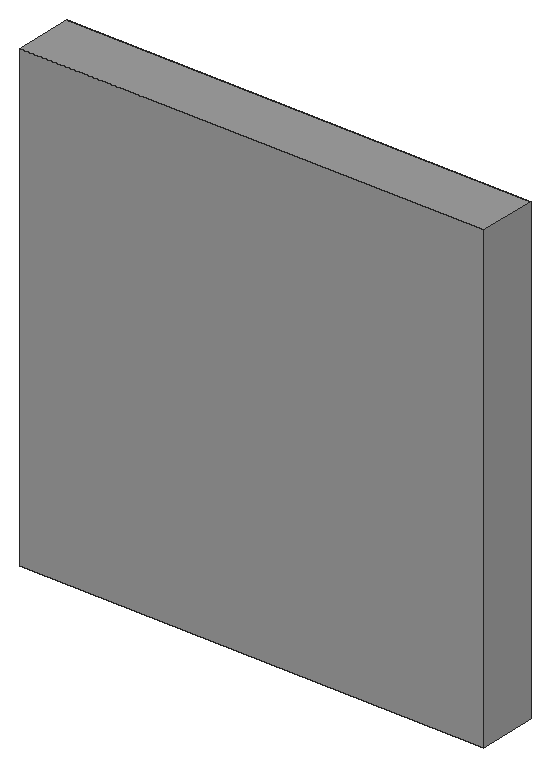
Revit family "WD-Panel_T1", category Generic Models, host Wall, Revit 2011
Parameters (values of type "2'x2'")
  Width = 22 3/4"
  URL = "http://www.wengercorp.com/Home/Contact.html"
  Type Comments = "Curved Type 1"
  Thickness = 2 7/8"
  Part Number = "161F125"
  Manufacturer = "Wenger Corporation"
  Keynote = "Acoustic Wall Diffuser Panel"
  Height from GL = 24"
  Height = 22 3/4"
  Description = "Acoustic Panel"
  2nd Thickness = 2 7/8"
Types (8): name | Width | Height
  (no name) | 22 3/4" | 22 3/4"
  2'x2' | 22 3/4" | 22 3/4"
  3'x3' | 35 3/4" | 35 3/4"
  3'x4' | 35 1/4" | 47"
  4'x2' | 47" | 23 1/2"
  4'x3' | 47" | 35 1/4"
  4'x4' | 47" | 47"
  3'x6' | 35 1/4" | 71"
Reference planes (in)
  plane 1: y = 0
  plane 2 "Center (Left/Right)": x = 0
  plane 3 "Wall Edge": y = 3
  plane 4 "Bottom": z = 24
  plane 5 "Top": z = 46.75
  plane 6 "Center (Top/Bottom)": z = 35.375
  plane 7 "Left Side": x = -11.375
  plane 8 "Right Side": x = 11.375
  plane 9 "End 1st Extrusion": y = 5.875
  plane 10 "RS-IS": x = 4.09395
  plane 11 "LS-IS": x = -4.09395
  plane 12: y = 3
  plane 13 "Front": y = 8.75
Forms (in)
  Extrusion 1, solid, material "Default"
    sketch origin (0, 3, 0) x (1, 0, 0) y (0, 0, 1)
      loop
        line (11.375, 46.75) -> (-11.375, 46.75) -> (-11.375, 24) -> (11.375, 24) -> (11.375, 46.75)
    from 0 to -2.875
  Extrusion 2, solid, material "Default"
    sketch origin (0, 5.875, 0) x (1, 0, 0) y (0, 0, 1)
      loop
        line (11.375, 46.75) -> (-11.375, 46.75) -> (-11.375, 24) -> (11.375, 24) -> (11.375, 46.75)
    from 0 to -2.875
  Extrusion 3, void
    sketch origin (0, 0, 24) x (1, 0, 0) y (0, 1, 0)
      loop
        line (-11.375, 5.875) -> (-4.09378, 10.25) -> (-11.375, 10.25) -> (-11.375, 5.875)
    from 0 to 22.75 <- "Height"
  Extrusion 4, void
    sketch origin (0, 0, 24) x (-1, 0, 0) y (0, -1, 0)
      loop
        line (-11.375, -5.875) -> (-11.375, -10.25) -> (-4.09378, -10.25) -> (-11.375, -5.875)
    from 0 to 22.75 <- "Height"
  Extrusion 5, void
    sketch origin (11.375, 0, 0) x (0, 0, 1) y (0, 1, 0)
      loop
        line (46.75, 5.875) -> (46.75, 8.75) -> (35.375, 8.75)
        arc (35.375, 8.75) -> (41.24135, 8.02012) -> (46.75, 5.875) r 23.94022
    from 0 to 22.75 <- "Width"
  Extrusion 6, void
    sketch origin (11.375, 0, 0) x (0, 0, 1) y (0, 1, 0)
      loop
        arc (24, 5.875) -> (29.50865, 8.02012) -> (35.375, 8.75) r 23.94022
        line (35.375, 8.75) -> (24, 8.75) -> (24, 5.875)
    from 0 to 22.75 <- "Width"
Cuts and joins
  Extrusion 3, Extrusion 4, Extrusion 5, Extrusion 6 cuts Extrusion 1
  Extrusion 3, Extrusion 4, Extrusion 5, Extrusion 6 cuts Extrusion 2
Text (in)
  text "Placement Side" at (0, 40.15149, 123.01588), in view "Right"
  text "Placement Side" at (-144.65338, 28.46503, 0), in view "Ref. Level"
  text "Placement Side" at (0, 81.62555, 140.59947), in view "Left"
Dimensions and locks (in)
  locked: plane 3 "Wall Edge" to host wall
  "Height": plane 4 "Bottom" to plane 5 "Top"
  equal spacing: plane 4 "Bottom", plane 6 "Center (Top/Bottom)", plane 5 "Top"
  "Width": plane 7 "Left Side" to plane 8 "Right Side"
  equal spacing: plane 7 "Left Side", plane 2 "Center (Left/Right)", plane 8 "Right Side"
  locked: host wall to plane 9 "End 1st Extrusion" at 5.875
  locked: plane 11 "LS-IS" to plane 7 "Left Side" at 7.28105
  locked: plane 10 "RS-IS" to plane 8 "Right Side" at 7.28105
  "Thickness": plane 12 to plane 9 "End 1st Extrusion"
  "2nd Thickness": plane 9 "End 1st Extrusion" to plane 13 "Front"
  aligned and locked: plane 5 "Top" to Extrusion 1 sketch curve
  aligned and locked: Extrusion 1 sketch curve to plane 8 "Right Side"
  aligned and locked: Extrusion 1 sketch curve to plane 4 "Bottom"
  aligned and locked: plane 7 "Left Side" to Extrusion 1 sketch curve
  aligned and locked: Extrusion 2 sketch curve to Extrusion 1  (x4)
  aligned and locked: plane 7 "Left Side" to Extrusion 3 sketch curve
  aligned and locked: plane 8 "Right Side" to Extrusion 4 sketch curve
  aligned and locked: plane 13 "Front" to Extrusion 5 sketch curve
  aligned and locked: Extrusion 5 sketch curve to plane 5 "Top"
  aligned and locked: Extrusion 6 sketch curve to plane 13 "Front"
  aligned and locked: Extrusion 6 sketch curve to plane 4 "Bottom"
Automatic sketch dimensions
  plane 9 "End 1st Extrusion" to Extrusion 3 sketch curve = 0"
  plane 11 "LS-IS" to Extrusion 3 sketch curve = 0.00017"
  Extrusion 4 sketch curve to plane 10 "RS-IS" = 0.00017"
  plane 9 "End 1st Extrusion" to Extrusion 4 sketch curve = 0"
  Extrusion 3 sketch curve to plane 9 "End 1st Extrusion" = 4 3/8"
  Extrusion 4 sketch curve to Extrusion 4 sketch curve = 4 3/8"
  Extrusion 5 sketch curve to plane 6 "Center (Top/Bottom)" = 0"
  Extrusion 5 sketch curve to plane 9 "End 1st Extrusion" = 0"
  Extrusion 6 sketch curve to plane 6 "Center (Top/Bottom)" = 0"
  Extrusion 6 sketch curve to plane 9 "End 1st Extrusion" = 0"
